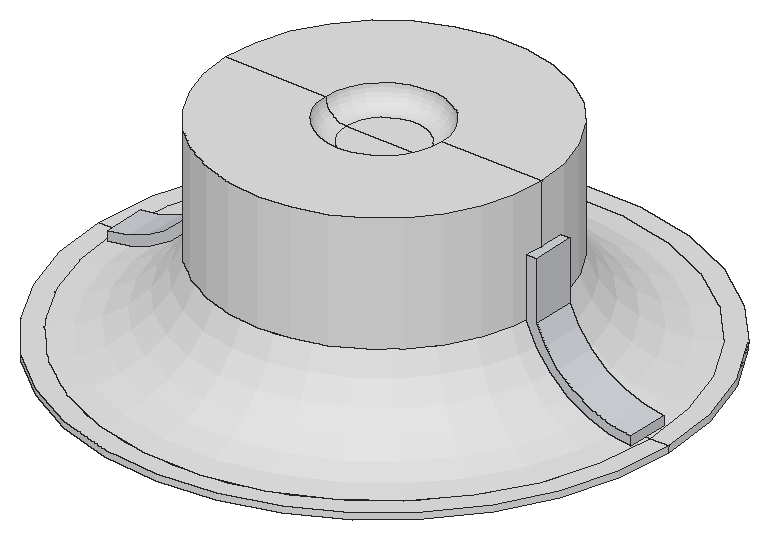
Revit family "DOWNLIGHT DISH_D24012SW.1", category Luminarias, Revit 2019
Family settings
  Cota de conector redondo = Diámetro de uso
  Tipo de pieza = Normal
  Se basa en plano de trabajo = Sí
  Siempre vertical = Sí
  Corte con vacíos al cargar = No
  Origen de luz = Sí
  Compartido = No
  Punto de cálculo de habitación = No
Parameters (values of type "DOWNLIGHT DISH_D24012SW.1")
  Ángulo de inclinación = 60.00°
  Ángulo de enfoque = 120.00°
  Ángulo de campo de foco = 120.00°
  Zone [instance] = ""
  Watt per fixture = 9
  Wattage = 9 W
  built-in parameter 1150107 = 3000 (stored number, unit not read)
  built-in parameter 1150110 = 1 (stored number, unit not read)
  built-in parameter 1150109 = 1 (stored number, unit not read)
  built-in parameter 1150112 = 1 (stored number, unit not read)
  built-in parameter 1150113 = 1 (stored number, unit not read)
  built-in parameter 1114218 = 1 (stored number, unit not read)
  Keynote = ""
  built-in parameter 1150137 = (empty or 0)
  built-in parameter 1150132 = (empty or 0)
  Modelo = "D24012SW.1"
  Lámpara = "EPSITAR"
  Longitud de símbolo de origen de luz = 500 mm
  built-in parameter 1150105 = 2507.6 (stored number, unit not read)
  built-in parameter 1150102 = (empty or 0)
  built-in parameter 1150106 = 25.076 (stored number, unit not read)
  Lumens = 749.97 lm
  Color Filter = 16777215
  built-in parameter 1114217 = 1 (stored number, unit not read)
  built-in parameter 1150139 = (empty or 0)
  Fabricante = "BRILLANT"
  Default Elevation = 1219.2 mm
  built-in parameter 1150104 = 7.7416 (stored number, unit not read)
  Descripción = "LUMINARIA TIPO CIRCULAR PARA EMPOTRAR EN TECHO CON CUERPO DE ALUMINIO Y VIDRIO SATINADO, IP 33 USO PARA INTERIORES, CUENTA CON 1 LED TIPO EPISTAR CON UNA POTENCIA TOTAL DE 9W, A UNA TEMPERATURA EN BLANCO CALIDO 3000K CON 750 LUMENES, EFICIENCIA DE 83.33LM/W, IRC 80, APERTURA A 120 GRADOS EN STOCK, CON FUENTE EXTERNA REMOTA (INCLUIDA) ALIMENTADA A 90-240V."
  built-in parameter 1150115 = 1 (stored number, unit not read)
  built-in parameter 1150114 = 1 (stored number, unit not read)
  Comentarios de vataje = "90-240V"
  built-in parameter 1150138 = (empty or 0)
  built-in parameter 1150134 = (empty or 0)
  Circuit [instance] = ""
  Dimming Lamp Color Temperature Shift = (empty or 0)
  built-in parameter 1150133 = 10 (stored number, unit not read)
Types (3, lengths in mm): name | built-in parameter 1150107 | Modelo | Descripción
  DOWNLIGHT DISH_D24012SW.1 | 3000 (stored number, unit not read) | "D24012SW.1" | "LUMINARIA TIPO CIRCULAR PARA EMPOTRAR EN TECHO CON CUERPO DE ALUMINIO Y VIDRIO SATINADO, IP 33 USO PARA INTERIORES, CUENTA CON 1 LED TIPO EPISTAR CON UNA POTENCIA TOTAL DE 9W, A UNA TEMPERATURA EN BLANCO CALIDO 3000K CON 750 LUMENES, EFICIENCIA DE 83.33LM/W, IRC 80, APERTURA A 120 GRADOS EN STOCK, CON FUENTE EXTERNA REMOTA (INCLUIDA) ALIMENTADA A 90-240V."
  DOWNLIGHT DISH_D24012SW.2 | 3000 (stored number, unit not read) | "D24012SW.2" | "LUMINARIA TIPO CIRCULAR PARA EMPOTRAR EN TECHO CON CUERPO DE ALUMINIO Y VIDRIO SATINADO, IP 33 USO PARA INTERIORES, CUENTA CON 1 LED TIPO EPISTAR CON UNA POTENCIA TOTAL DE 9W, A UNA TEMPERATURA EN BLANCO CALIDO 3000K CON 750 LUMENES, EFICIENCIA DE 83.33LM/W, IRC 80, APERTURA A 120 GRADOS EN STOCK, CON FUENTE EXTERNA REMOTA (INCLUIDA) ALIMENTADA A 90-240V. DIMEABLE (OPCIONAL)"
  DOWNLIGHT DISH_D24012SN.1 | 4500 (stored number, unit not read) | "D24012SN.1" | "LUMINARIA TIPO CIRCULAR PARA EMPOTRAR EN TECHO CON CUERPO DE ALUMINIO Y VIDRIO SATINADO, IP 33 USO PARA INTERIORES, CUENTA CON 1 LED TIPO EPISTAR CON UNA POTENCIA TOTAL DE 9W, A UNA TEMPERATURA EN BLANCO FRIO 4500K CON 750 LUMENES, EFICIENCIA DE 83.33LM/W, IRC 80, APERTURA A 120 GRADOS EN STOCK, CON FUENTE EXTERNA REMOTA (INCLUIDA) ALIMENTADA A 90-240V. DIMEABLE (OPCIONAL)"
Reference planes
  plane 1 "Centro (Frontal/Posterior)": y = 0
  plane 2: z = 0
  plane 3 "Centro (Izquierda/Derecha)": x = 0
Forms (mm)
  Extrusion 1, solid, material "Cristal"
    sketch origin (0, 0, 0) x (1, 0, 0) y (0, 1, 0)
      loop
        circle (0, 0) r 35.963
    from 3.624 to 4.83
  Revolve 2, solid, material "acabado blanco"
    sketch origin (0, 0, 0) x (1, 0, 0) y (0, 0, 1)
      loop
        line (-46.675, -1.355) -> (-35.963, 4.83) -> (0, 4.83) -> (0, 39.528) -> (-8.772, 39.528)
        arc (-8.772, 39.528) -> (-11.96, 40.849) -> (-13.281, 44.038) r 4.51
        line (-13.281, 44.038) -> (-36.029, 44.038) -> (-36.029, 17.263)
        arc (-36.029, 17.263) -> (-45.604, 4.786) -> (-60.604, 0.056) r 26.152
        line (-60.604, 0.056) -> (-65, 0.056) -> (-65, -1.355) -> (-46.675, -1.355)
      axis (0, -1.355) -> (0, 44.038)
    angle from 0 to 360
  Extrusion 3, solid
    sketch origin (0, 0, 0) x (1, 0, 0) y (0, 0, 1)
      loop
        arc (-59.734, 0.052) -> (-45.288, 5.085) -> (-36.029, 17.263) r 26.505
        line (-36.029, 17.263) -> (-36.029, 30.772) -> (-38.129, 30.772) -> (-38.129, 17.651)
        arc (-38.129, 17.651) -> (-46.636, 6.702) -> (-59.734, 2.154) r 24.405
        line (-59.734, 2.154) -> (-59.734, 0.052)
    from -5.313 to 4.138
  Extrusion 4, solid
    sketch origin (0, 0, 0) x (-1, 0, 0) y (0, 0, -1)
      loop
        line (-59.734, -0.052) -> (-59.734, -2.154)
        arc (-59.734, -2.154) -> (-46.636, -6.702) -> (-38.129, -17.651) r 24.405
        line (-38.129, -17.651) -> (-38.129, -30.772) -> (-36.029, -30.772) -> (-36.029, -17.263)
        arc (-36.029, -17.263) -> (-45.288, -5.085) -> (-59.734, -0.052) r 26.505
    from -5.313 to 4.138
Lines and regions (mm)
  model lines
    curve 1: line (-2.5, 52.389, 0) -> (2.5, 52.389, 0)
    curve 2: line (0, 52.389, 0) -> (0, 0, 0)
Dimensions and locks
  aligned and locked: level to plane 2
Connectors
  electrical at (0, 0, 44.038)
    settings: on Revolve 2, index 1, voltage 240 V, apparent load 0 VA, apparent load phase1 0 VA, apparent load phase2 0 VA, apparent load phase3 0 VA, power factor 1, load classification "Otro", number of poles 1, system type 31, power factor state 1, is connector primary yes, connector utility no, sub classification motor no, connector description ""
